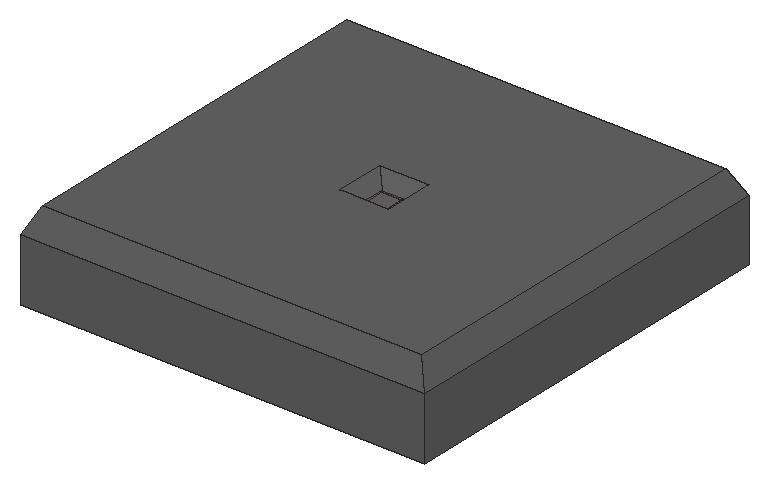
Revit family "Smartcard Reader_Delta53_Farpointe_R17", category Security Devices, host Face, Revit 2017
Family settings
  Host = Face
  Maintain Annotation Orientation = No
  Round Connector Dimension = Use Diameter
  Part Type = Normal
  Cut with Voids When Loaded = No
  Shared = No
  Room Calculation Point = No
Parameters
  Width = 3.25"
  URL - Quick Start Guides [instance] = "http://farpointedata.com/downloads/qsg_and_ref/SmartcardReaders_QSG.pdf"
  URL - Mounting Guides Letter Size [instance] = "http://farpointedata.com/downloads/mounting_guides/MountingGuide_Delta53_Ltr.pdf"
  URL - Mounting Guides A4 Size [instance] = "http://farpointedata.com/downloads/mounting_guides/MountingGuide_Delta53_A4.pdf"
  URL - Data Sheets [instance] = "http://farpointedata.com/downloads/datasheets/Delta53_TDS.pdf"
  URL - Bid Specifications [instance] = "http://farpointedata.com/downloads/bid_specs/Farpointe_Delta_Specification.docx"
  URL = "http://www.farpointedata.com/"
  Modeled By [instance] = "www.commensestudio.com"
  Model = "Delta5.3 Contactless Smartcard Reader"  # constant formula
  Manufacturer = "Farpointe Data"  # constant formula
  LED [instance] = LED
  Height = 3.25"
  Description = "European-Sized Mount"  # constant formula
  Depth = 0.8"
  Default Elevation = 48"
  Cover [instance] = Cover
Reference planes (in)
  plane 1 "Center (Front/Back)": y = 0
  plane 2: z = 0
  plane 3 "Center (Left/Right)": x = 0
  plane 4: x = -1.625
  plane 5: x = 1.625
  plane 6: y = 1.625
  plane 7: y = -1.625
  plane 8: z = 0.8
Forms (in)
  Extrusion 1, solid, material "Cover" <- "Cover"
    sketch origin (0, 0, 0) x (1, 0, 0) y (0, 1, 0)
      loop
        line (-1.625, -1.625) -> (1.625, -1.625) -> (1.625, 1.625) -> (-1.625, 1.625) -> (-1.625, -1.625)
    from 0 to 0.5
  Blend 2, solid, material "Cover" <- "Cover"
    base sketch origin (0, 0, 0) x (1, 0, 0) y (0, 1, 0)
      loop
        line (-1.625, 1.625) -> (-1.625, -1.625) -> (1.625, -1.625) -> (1.625, 1.625) -> (-1.625, 1.625)
    top sketch origin (0, 0, 0) x (1, 0, 0) y (0, 1, 0)
      loop
        line (-1.525, 1.525) -> (-1.525, -1.525) -> (1.525, -1.525) -> (1.525, 1.525) -> (-1.525, 1.525)
    from 0.5 to 0.7
  Extrusion 3, solid, material "LED" <- "LED"
    sketch origin (0, 0, 0) x (1, 0, 0) y (0, 1, 0)
      loop
        line (0.085, -0.085) -> (0.085, 0.085) -> (-0.085, 0.085) -> (-0.085, -0.085) -> (0.085, -0.085)
    from 0.5 to 0.61
  Blend 4, void
    base sketch origin (0, 0, 0) x (1, 0, 0) y (0, 1, 0)
      loop
        line (-0.085, 0.085) -> (-0.085, -0.085) -> (0.085, -0.085) -> (0.085, 0.085) -> (-0.085, 0.085)
    top sketch origin (0, 0, 0) x (1, 0, 0) y (0, 1, 0)
      loop
        line (-0.19907, 0.19907) -> (-0.19907, -0.19907) -> (0.19907, -0.19907) -> (0.19907, 0.19907) -> (-0.19907, 0.19907)
    from 0.6 to 0.7
Cuts and joins
  Blend 4 cuts Blend 2
Dimensions and locks (in)
  equal spacing: plane 7, plane 1 "Center (Front/Back)", plane 6
  equal spacing: plane 4, plane 3 "Center (Left/Right)", plane 5
  "Height": plane 7 to plane 6
  "Width": plane 4 to plane 5
  "Depth": plane 8 to level
  aligned and locked: plane 2 to host face
  aligned and locked: level to host face
  aligned and locked: plane 7 to Extrusion 1
  aligned and locked: Extrusion 1 to plane 6
  aligned and locked: Extrusion 1 to plane 4
  aligned and locked: plane 5 to Extrusion 1
  aligned and locked: plane 4 to Blend 2 sketch curve
  aligned and locked: plane 6 to Blend 2 sketch curve
  aligned and locked: Blend 2 sketch curve to plane 7
  aligned and locked: Blend 2 sketch curve to Extrusion 1
Automatic sketch dimensions
  host sketch curve to host sketch curve = 96"  (x2)
  plane 6 to Extrusion 1 sketch curve = 0"
  plane 4 to Extrusion 1 sketch curve = 0"
  Extrusion 1 sketch curve to plane 5 = 0"
  Extrusion 1 sketch curve to plane 7 = 0"
  Blend 2 sketch curve to plane 7 = 0.1"
  Blend 2 sketch curve to plane 3 "Center (Left/Right)" = 1.525"
  plane 3 "Center (Left/Right)" to Blend 2 sketch curve = 1.525"
  plane 6 to Blend 2 sketch curve = 0.1"
  Extrusion 3 sketch curve to plane 3 "Center (Left/Right)" = 0.085"
  plane 3 "Center (Left/Right)" to Extrusion 3 sketch curve = 0.085"
  plane 1 "Center (Front/Back)" to Extrusion 3 sketch curve = 0.085"
  Extrusion 3 sketch curve to plane 1 "Center (Front/Back)" = 0.085"
  Blend 4 sketch curve to plane 3 "Center (Left/Right)" = 0.085"
  plane 3 "Center (Left/Right)" to Blend 4 sketch curve = 0.085"
  plane 1 "Center (Front/Back)" to Blend 4 sketch curve = 0.085"
  Blend 4 sketch curve to plane 1 "Center (Front/Back)" = 0.085"
  Blend 4 sketch curve to plane 3 "Center (Left/Right)" = 0.19907"
  plane 3 "Center (Left/Right)" to Blend 4 sketch curve = 0.19907"
  plane 1 "Center (Front/Back)" to Blend 4 sketch curve = 0.19907"
  Blend 4 sketch curve to plane 1 "Center (Front/Back)" = 0.19907"
Connectors (in)
  electrical at (0, 0, 0)
    settings: index 3, voltage 0 V, apparent load 0 VA, apparent load phase1 0 VA, apparent load phase2 0 VA, apparent load phase3 0 VA, power factor 1, load classification "Other", number of poles 1, system type 10, power factor state 1, is connector primary yes, connector utility no, sub classification motor no, connector description ""
